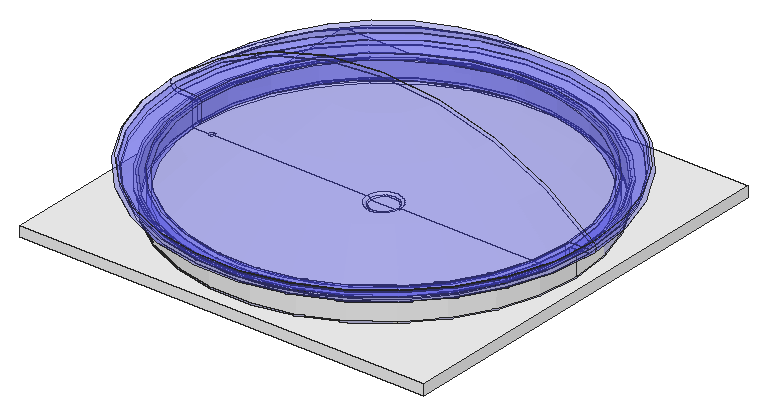
Revit family "BE_50017_de_DE", category Leuchten, Revit 2020
Family settings
  Basisbauteil = Fläche
  Bemaßung runder Anschluss = Durchmesser verwenden
  Teiletyp = Normal
  Beim Laden mit Abzugskörper schneiden = Ja
  Lichtquelle = Ja
  Gemeinsam genutzt = Nein
  Raumberechnungspunkt = Ja
Parameters (values of type "BEGA_50017_K4")
  built-in parameter 1150104 = 12.087 (stored number, unit not read)
  Wattage = 28.1 W
  Default Elevation = 0 mm
  built-in parameter 1150113 = 1 (stored number, unit not read)
  built-in parameter 1114218 = 1 (stored number, unit not read)
  Umgebungstemperatur = "25 °C"
  URL = "https://www.bega.com/de/produkt/50017"
  Typenkommentare = "© 2022 BEGA. Wir behalten uns das Recht vor, technische Änderungen ohne vorherige Ankündigung vorzunehmen."  # constant formula
  built-in parameter 1150134 = (empty or 0)
  built-in parameter 1150109 = 1 (stored number, unit not read)
  Strom = ""
  built-in parameter 1150110 = 1 (stored number, unit not read)
  Spannung = 239.996 V
  Sonderanfertigung = no
  Seriennummer [instance] = "Hier können Sie die eindeutige Seriennummer für das Facility Management eintragen."
  Schutzklasse = "I"
  Schutzart = "IP 20"
  Scheinlast = 0 VA
  Produktdatenblatt = "http://www.bega.de/download/Xrfa/db/50017.db.de.pdf"
  Oberflächentemperatur = ""
  Neigungswinkel = 0.00°
  Model = "50017K2"
  Material_17 = BEGA_Reflektor
  Material_15 = BEGA_Leuchtmedium_matt
  Material_11 = BEGA_Glas_opal
  Material_09 = BEGA_Glas_klar
  Material_06 = BEGA_Oberfläche_Edelstahl_gebürstet
  Material_03 = BEGA_Oberfläche_Weiss_matt
  Material_02 = BEGA_Oberfläche_Silber_matt
  Material_01 [instance] = BEGA_Oberfläche_Grafit_matt
  M_W = no
  M_G = no
  M_A = no
  Logo = 0
  built-in parameter 1114217 = 1 (stored number, unit not read)
  built-in parameter 1150139 = (empty or 0)
  built-in parameter 1150105 = 970.95 (stored number, unit not read)
  built-in parameter 1150114 = 1 (stored number, unit not read)
  Lumens = 3655.81 lm
  built-in parameter 1150115 = 1 (stored number, unit not read)
  Leuchtenlichtstrom = "2014 lm"
  Leuchtenanzahl = ""
  Lebensdauerkriterien = "L70B50 @ 25 °C = 200000 h"
  Lastklassifizierung = Beleuchtung
  built-in parameter 1150112 = 1 (stored number, unit not read)
  Lampenlichtstrom = "3655 lm"
  Lamp = "LED 28.1 W"
  LED_Modulbezeichnung = "LED-0630/927"
  Hersteller = "BEGA"  # constant formula
  Halbstreuwinkel = ""
  Gewicht = "4.5 kg"
  Gebrauchslageneinschränkung [instance] = ""
  Frequenz = "0/50-60 Hz"
  Farbwiedergabeindex = "CRI > 90"
  Farbtemperaturverschiebung bei Dämpfen der Lampe = <Keine Auswahl>
  Farbtemperatur = "2700 K"
  Color Filter = 16777215
  built-in parameter 1150133 = 10 (stored number, unit not read)
  Energieeffizienzklasse = "LED A++ - A"
  built-in parameter 1150137 = (empty or 0)
  built-in parameter 1150132 = (empty or 0)
  ENEC = "ja"
  Dimmbar [instance] = "DALI"
  Photometric Web File = "BE_50017K2.IES"
  CE_Konformität = "ja"
  Bestellnummer = "50017K2"
  Beschreibung_Sonderanfertigung = "Hier können Sie Informationen zur Sonderanfertigung eintragen."
  Beschreibung = "Decken- und Wandleuchte"
  built-in parameter 1150106 = 9.7095 (stored number, unit not read)
  Befestigungsbohrung = "Ø 6 mm"
  Befestigungsabstand = "340 mm"
  Ballwurfsicher = ""
  BEGA_Intern_aus = yes
  BEGA_Intern_an = yes
  BEGA_Intern_Konstruktion = yes
  BEGA_Intern = yes
  BEGA_IES = yes
  BEGA_Dummy = no
  Anschlussleitung = ""
  Anschlussleistung [instance] = "32.2 W"
  Anschlusskasten = ""
  built-in parameter 1150107 = 2700 (stored number, unit not read)
  built-in parameter 1150102 = (empty or 0)
  built-in parameter 1150138 = (empty or 0)
  Aktualisierung = "2020-07-27T04:00:12"
  Abstand_zur_angestrahlten_Fläche [instance] = ""
  AC/DC = "AC/DC"
Types (3, lengths in mm): name | built-in parameter 1150104 | built-in parameter 1150134 | Model | built-in parameter 1150105 | Lumens | Leuchtenlichtstrom | Lampenlichtstrom | LED_Modulbezeichnung | Farbtemperatur | Photometric Web File | Bestellnummer | built-in parameter 1150106 | built-in parameter 1150107
  BEGA_50017_K4 | 12.626 (stored number, unit not read) | 12 | "50017K4" | 1014.2 (stored number, unit not read) | 3818.79 lm | "2469 lm" | "4480 lm" | "LED-0630/940" | "4000 K" | "BE_50017K4.IES" | "50017K4" | 10.142 (stored number, unit not read) | 4000 (stored number, unit not read)
  BEGA_50017_K3 | 12.18 (stored number, unit not read) | (empty or 0) | "50017K3" | 978.39 (stored number, unit not read) | 3683.91 lm | "2372 lm" | "4305 lm" | "LED-0630/930" | "3000 K" | "BE_50017K3.IES" | "50017K3" | 9.7839 (stored number, unit not read) | 3000 (stored number, unit not read)
  BEGA_50017_K27 | 12.626 (stored number, unit not read) | 12 | "50017K27" | 1014.2 (stored number, unit not read) | 3818.79 lm | "2295 lm" | "4165 lm" | "LED-0630/927" | "2700 K" | "BE_50017K27.IES" | "50017K27" | 10.142 (stored number, unit not read) | 4000 (stored number, unit not read)
Reference planes
  plane 1 "Mitte (Vorne/Hinten)": y = 0
  plane 2: z = 0
  plane 3 "Mitte (Links/Rechts)": x = 0
  plane 4 "Links": x = -210.263
  plane 5 "Rechts": x = 210.263
  plane 6 "Unten": y = -210.3
  plane 7 "Oben": y = 210.3
  plane 8 "Vorne": z = 117.8
  plane 9 "Hinten": z = 0
Forms (mm)
  Extrusion 1, solid, material "BEGA_Platte_Weiss"
    sketch origin (0, -1119.2, 0) x (1, 0, 0) y (0, 1, 0)
      loop
        line (-200, 1319.2) -> (-200, 919.2) -> (200, 919.2) -> (200, 1319.2) -> (-200, 1319.2)
    from 0 to -10
  Extrusion 2, solid, material "BEGA_Dummy_matt", visible <- "BEGA_Dummy"
    sketch origin (77.149, -76.023, 0) x (1, 0, 0) y (0, 1, 0)
      loop
        circle (-77.149, 76.023) r 210
    from 0 to 117.8
Dimensions and locks
  plane 1 "Mitte (Vorne/Hinten)" to Extrusion 1 = 200 mm
  aligned and locked: plane 2 to Extrusion 1
  aligned and locked: level to Extrusion 1
Nested families
  nested 1: "BE_50017" at (0, 0, 0) x (0, -1, 0) z (0, 0, 1), type "BE_50017"
Connectors
  electrical at (0, 0, 0), driven by "Lastklassifizierung", driven by "Spannung", driven by "Scheinlast"
    settings: index 1, voltage 239.996 V, apparent load 0 VA, apparent load phase1 0 VA, apparent load phase2 0 VA, apparent load phase3 0 VA, power factor 1, load classification "Beleuchtung", number of poles 1, system type 31, power factor state 1, is connector primary yes, connector utility no, sub classification motor no, connector description ""
Definition of nested family "BE_50017"
  Parameters (values of type "BE_50017")
    Default Elevation = 1 mm
    URL = "http://www.bega.de/de/produkt"
    Type Comments = "© 2015 BEGA. Wir behalten uns das Recht vor, technische Änderungen ohne vorherige Ankündigung vorzunehmen. "  # constant formula
    Type Image = (empty or 0)
    Neigungswinkel_um_Z2 = 0.00°
    Neigungswinkel_um_Z1 = 0.00°
    Neigungswinkel_um_Y2 = 0.00°
    Neigungswinkel_um_Y1 = 0.00°
    Neigungswinkel_um_X2 = 0.00°
    Neigungswinkel_um_X1 = 0.00°
    Material_17 = none
    Material_15 = none
    Material_11 = none
    Material_09 = none
    Material_06 = none
    Material_05 = none
    Material_03 = none
    Material_02 = none
    Material_01 = none
    M_W = yes
    M_G = yes
    M_A = yes
    Länge_Platte = 600 mm  # constant formula
    Höhe_Platte = -10 mm  # constant formula
    Manufacturer = "BEGA"  # constant formula
    Drehwinkel_um_Z2 = 0.00°
    Drehwinkel_um_Z1 = 0.00°
    Breite_Platte = 600 mm  # constant formula
  Reference planes
    plane 1 "Mitte (Oben/Unten)": y = 0
    plane 2: z = 0
    plane 3 "Mitte (Links/Rechts)": x = 0
    plane 4: y = 210.263
    plane 5: z = 117.8
    plane 6: y = -210.263
    plane 7: x = -210.3
    plane 8: x = 210.3
  Forms (mm)
    Extrusion 1, solid, detail levels medium
      sketch origin (0, 0, 0) x (1, 0, 0) y (0, 1, 0)
        loop
          line (-300, 300) -> (-300, -300) -> (300, -300) -> (300, 300) -> (-300, 300)
      from 0 to -10 <- "Höhe_Platte"
    Revolve 2, solid, material <- "Material_03", detail levels medium+fine
      sketch origin (0, 0, 0) x (0, 1, 0) y (0, 0, 1)
        loop
          line (188.667, 3.3) -> (16.416, 3.3)
          arc (16.416, 3.3) -> (15.106, 2.926) -> (14.186, 1.92) r 2.5
          arc (14.186, 1.92) -> (13.635, 1.322) -> (12.852, 1.1) r 1.5
          line (12.852, 1.1) -> (0.002, 1.1) -> (0.002, 0.1) -> (13.084, 0.1)
          arc (13.084, 0.1) -> (14.394, 0.474) -> (15.313, 1.48) r 2.5
          arc (15.313, 1.48) -> (15.866, 2.078) -> (16.65, 2.3) r 1.5
          line (16.65, 2.3) -> (188.667, 2.3)
          arc (188.667, 2.3) -> (190.064, 2.868) -> (190.667, 4.25) r 2
          line (190.667, 4.25) -> (191.038, 25.509)
          arc (191.038, 25.509) -> (191.277, 26.071) -> (191.842, 26.3) r 0.8
          line (191.842, 26.3) -> (194, 26.3) -> (194, 27.3) -> (191.844, 27.3)
          arc (191.844, 27.3) -> (190.578, 26.786) -> (190.038, 25.531) r 1.8
          line (190.038, 25.531) -> (189.667, 4.275)
          arc (189.667, 4.275) -> (189.365, 3.584) -> (188.667, 3.3) r 1
        axis (0, 0.1) -> (0, 27.3)
      angle from 0 to 360
    Extrusion 3, void
      sketch origin (0, 0, 0) x (1, 0, 0) y (0, 1, 0)
        loop
          circle (163, 18) r 8.5
        loop
          circle (0, -170) r 2.75
        loop
          circle (163, -18) r 8.5
        loop
          circle (0, 170) r 2.75
      from 1.096 to 7.205
    Revolve 4, solid, material <- "Material_11", detail levels medium+fine
      sketch origin (0, 0, 0) x (0, 1, 0) y (0, 0, 1)
        loop
          line (0, 117.8) -> (0, 113.8)
          arc (0, 113.8) -> (109.34, 94.281) -> (205.171, 38.134) r 315.999
          arc (205.171, 38.134) -> (206.112, 34.88) -> (203.42, 32.823) r 3
          line (203.42, 32.823) -> (183.692, 31.789)
          arc (183.692, 31.789) -> (181.07, 30.581) -> (180, 27.899) r 3.895
          line (180, 27.899) -> (180, 10.3) -> (184, 10.3) -> (184, 26.851)
          arc (184, 26.851) -> (184.275, 27.539) -> (184.948, 27.85) r 1
          line (184.948, 27.85) -> (203.629, 28.829)
          arc (203.629, 28.829) -> (209.896, 33.581) -> (207.79, 41.158) r 7
          arc (207.79, 41.158) -> (110.737, 98.029) -> (0, 117.8) r 319.999
        axis (0, 117.8) -> (0, 10.3)
      angle from 0 to 360
    Revolve 5, solid, material <- "Material_03", detail levels medium+fine
      sketch origin (87.5, 0, 0) x (0, 1, 0) y (0, 0, 1)
        loop
          line (151.554, 0) -> (151.554, 2.614) -> (145.865, 2.614)
          arc (145.865, 2.614) -> (148.424, 0.685) -> (151.554, 0) r 7.5
        axis (151.554, 0) -> (151.554, 2.614)
      angle from 0 to 360
    Revolve 6, solid, material <- "Material_03", detail levels medium+fine
      sketch origin (-43.752, -75.774, 0) x (0.866025, -0.5, 0) y (0, 0, 1)
        loop
          line (151.554, 0) -> (151.554, 2.614) -> (145.865, 2.614)
          arc (145.865, 2.614) -> (148.424, 0.685) -> (151.554, 0) r 7.5
        axis (151.554, 0) -> (151.554, 2.614)
      angle from 0 to 360
    Revolve 7, solid, material <- "Material_03", detail levels medium+fine
      sketch origin (-43.748, 75.781, 0) x (-0.866025, -0.5, 0) y (0, 0, 1)
        loop
          line (151.554, 0) -> (151.554, 2.614) -> (145.865, 2.614)
          arc (145.865, 2.614) -> (148.424, 0.685) -> (151.554, 0) r 7.5
        axis (151.554, 0) -> (151.554, 2.614)
      angle from 0 to 360
  Cuts and joins
    Extrusion 3 cuts Revolve 2
    joined: Revolve 2, Revolve 5, Revolve 6, Revolve 7
  Dimensions and locks
    equal spacing: Extrusion 1 sketch curve, plane 3 "Mitte (Links/Rechts)", Extrusion 1 sketch curve
    equal spacing: Extrusion 1 sketch curve, plane 1 "Mitte (Oben/Unten)", Extrusion 1 sketch curve
    "Länge_Platte": Extrusion 1 sketch curve to Extrusion 1 sketch curve
    "Breite_Platte": Extrusion 1 sketch curve to Extrusion 1 sketch curve
    aligned and locked: Extrusion 1 to plane 2
    aligned and locked: level to Extrusion 1
  Automatic sketch dimensions
    Revolve 2 sketch curve to Revolve 2 sketch curve = 0 mm  (x11)
    Revolve 2 sketch curve to plane 1 "Mitte (Oben/Unten)" = 0 mm
    Revolve 2 sketch curve to plane 1 "Mitte (Oben/Unten)" = 0.002 mm
    level to Revolve 2 sketch curve = 2.6 mm
    Revolve 2 sketch curve to plane 1 "Mitte (Oben/Unten)" = 12.849 mm
    Revolve 2 sketch curve to Revolve 2 sketch curve = 0.003 mm
    Revolve 2 sketch curve to Revolve 2 sketch curve = 0.229 mm  (x2)
    level to Revolve 2 sketch curve = 0.1 mm
    Revolve 2 sketch curve to Revolve 2 sketch curve = 0.232 mm
    Revolve 2 sketch curve to Revolve 2 sketch curve = 3.338 mm
    level to Revolve 2 sketch curve = 0.8 mm
    Revolve 2 sketch curve to Revolve 2 sketch curve = 0.005 mm
    level to Revolve 2 sketch curve = 4.3 mm
    level to Revolve 2 sketch curve = 4.275 mm
    Revolve 2 sketch curve to Revolve 2 sketch curve = 1 mm  (x6)
    level to Revolve 2 sketch curve = 4.25 mm
    Revolve 2 sketch curve to Revolve 2 sketch curve = 0.8 mm
    Revolve 2 sketch curve to Revolve 2 sketch curve = 0.004 mm
    Revolve 2 sketch curve to Revolve 2 sketch curve = 0.002 mm
    Revolve 2 sketch curve to Revolve 2 sketch curve = 2.156 mm
    Revolve 2 sketch curve to Revolve 2 sketch curve = 21.25 mm
    Revolve 2 sketch curve to Revolve 2 sketch curve = 0.009 mm
    Revolve 2 sketch curve to Revolve 2 sketch curve = 0.025 mm
    Revolve 2 sketch curve to Revolve 2 sketch curve = 6.2 mm
    Revolve 5 sketch curve to Revolve 5 sketch curve = 5.69 mm
    Revolve 5 sketch curve to Revolve 5 sketch curve = 0 mm  (x3)
    Revolve 5 sketch curve to Revolve 5 sketch curve = 1.154 mm
    Revolve 5 sketch curve to Revolve 5 sketch curve = 2.614 mm
    Revolve 6 sketch curve to Revolve 6 sketch curve = 5.69 mm
    Revolve 6 sketch curve to Revolve 6 sketch curve = 0 mm  (x3)
    Revolve 6 sketch curve to Revolve 6 sketch curve = 1.154 mm
    Revolve 6 sketch curve to Revolve 6 sketch curve = 2.614 mm
    Revolve 7 sketch curve to Revolve 7 sketch curve = 5.69 mm
    Revolve 7 sketch curve to Revolve 7 sketch curve = 0 mm  (x3)
    Revolve 7 sketch curve to Revolve 7 sketch curve = 1.154 mm
    Revolve 7 sketch curve to Revolve 7 sketch curve = 2.614 mm
    Revolve 5 sketch curve to level = 0 mm
    Revolve 6 sketch curve to level = 0 mm
    level to Revolve 7 sketch curve = 0 mm
    Extrusion 3 sketch curve to plane 3 "Mitte (Links/Rechts)" = 0 mm  (x2)
    plane 1 "Mitte (Oben/Unten)" to Extrusion 3 sketch curve = 18 mm
    Extrusion 3 sketch curve to plane 1 "Mitte (Oben/Unten)" = 18 mm
    Revolve 4 sketch curve to Revolve 4 sketch curve = 0 mm  (x9)
    Revolve 4 sketch curve to plane 1 "Mitte (Oben/Unten)" = 0 mm  (x2)
    plane 1 "Mitte (Oben/Unten)" to Revolve 4 sketch curve = 0 mm
    Revolve 4 sketch curve to plane 1 "Mitte (Oben/Unten)" = 0.001 mm
    Revolve 4 sketch curve to Revolve 4 sketch curve = 3.692 mm
    Revolve 4 sketch curve to Revolve 4 sketch curve = 0.204 mm
    Revolve 4 sketch curve to Revolve 4 sketch curve = 4 mm  (x2)
    Revolve 4 sketch curve to Revolve 4 sketch curve = 1 mm
    Revolve 4 sketch curve to Revolve 4 sketch curve = 19.572 mm
    Revolve 4 sketch curve to level = 202.199 mm
    Revolve 4 sketch curve to Revolve 4 sketch curve = 0.001 mm
    level to Revolve 4 sketch curve = 10.3 mm
    Revolve 4 sketch curve to Revolve 4 sketch curve = 16.551 mm
    Revolve 4 sketch curve to Revolve 4 sketch curve = 1.048 mm
    Revolve 4 sketch curve to Revolve 4 sketch curve = 4.03 mm
    Revolve 4 sketch curve to Revolve 4 sketch curve = 0.052 mm
    Revolve 4 sketch curve to Revolve 4 sketch curve = 0.157 mm
    Revolve 4 sketch curve to Revolve 4 sketch curve = 0.209 mm
    Revolve 4 sketch curve to Revolve 4 sketch curve = 1.908 mm
    Revolve 4 sketch curve to Revolve 4 sketch curve = 2.619 mm
    Revolve 2 sketch curve to Revolve 2 sketch curve = 172.018 mm
    Revolve 2 sketch curve to Revolve 2 sketch curve = 0.371 mm
    Extrusion 3 sketch curve to plane 1 "Mitte (Oben/Unten)" = 170 mm
    Revolve 4 sketch curve to plane 1 "Mitte (Oben/Unten)" = 180 mm
    Revolve 5 sketch curve to plane 1 "Mitte (Oben/Unten)" = 145.865 mm
    plane 1 "Mitte (Oben/Unten)" to Extrusion 3 sketch curve = 170 mm
    level to Revolve 4 sketch curve = 113.8 mm
    Revolve 4 sketch curve to Revolve 4 sketch curve = 45.47 mm
    plane 3 "Mitte (Links/Rechts)" to Extrusion 3 sketch curve = 163 mm
    Extrusion 3 sketch curve to Extrusion 3 sketch curve = 0 mm
    radius of Extrusion 3 sketch curve = 8.5 mm  (x2)
    radius of Extrusion 3 sketch curve = 2.75 mm  (x2)
